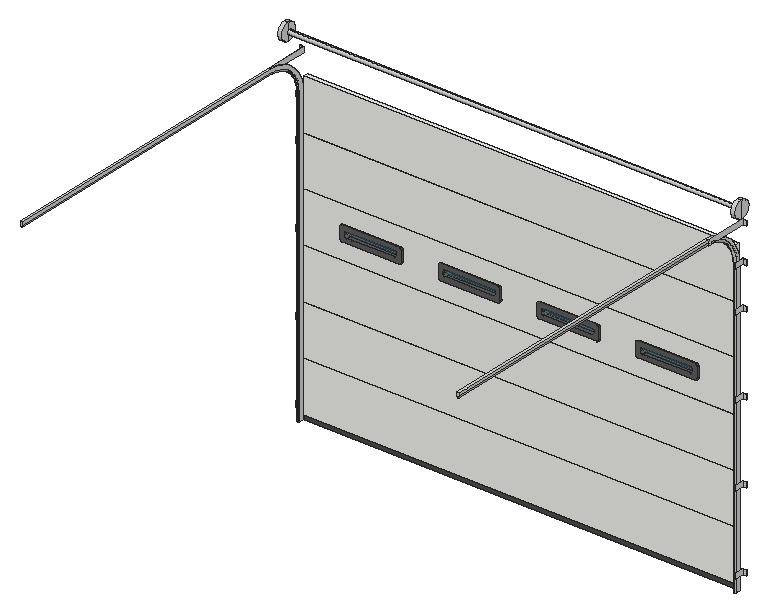
Revit family "Overhead-Sect_HAAS_Res_Alum_5000", category Doors, host Wall, Revit 2026
Family settings
  Host = Wall
  Classification Number = 23.30.10.17.37.14
  Always vertical = Yes
  Cut with Voids When Loaded = No
  Shared = No
  Room Calculation Point = No
Parameters (values of type "Model 5780 Raised 1.75in")
  rearspring = no
  Warranty Duration (Years) = 0
  Viewport Frame Finish [instance] = Finish - Trim - HAAS - Black
  Unit Width [instance] = if(Wood Jamb, Opening Width, Opening Width + 0' 2")  # 14' - 0"
  Wood Jamb [instance] = yes
  URL = "http://www.haasdoor.com/about/index.html"
  U Value = 0
  Type Comments = ""
  Track_High Lift_CHECK WITH HAAS FOR VALUE [instance] = 0' - 7"
  Track [instance] = Steel
  Thickness = 0' - 0"  # constant formula
  Test Data = ""
  Steel Jamb [instance] = not(Wood Jamb)  # no
  Standards Conformance = "as Specified"
  Specification = ""
  SpecWizard = ""
  Send Message = ""
  Sales Information = "http://www.haasdoor.com/locator/index.php"
  Rough Width = 0' - 0"  # constant formula
  Rough Height = 0' - 0"  # constant formula
  Roof Incline Default = 0.00°
  Revision = "R1_2015-11"
  Recycled Content [instance] = "as Specified"
  R-Value = 16.18
  Product Properties = ""
  Product Data = "http://www.arcat.com/arcatcos/cos32/arc32915.html"
  Panel Width [instance] = 14' - 0"
  Panel Thickness = 0' - 1 3/4"
  Panel Material_Interior [instance] = Metal - Steel - HAAS - Polar White V-Groove
  Panel Material_Inset Panel [instance] = Metal - Steel - HAAS - Polar White
  Panel Material_Exterior [instance] = Metal - Steel - HAAS - Polar White
  Panel Height [instance] = if(1 = 1, Opening Height, 0' 0")  # 10' - 0"
  Overhead Sectional Style [instance] = Door_Overhead-Sectional-Panel_Haas_No-Inset-Panels : Design B
  Operation = "Overhead Sectional"
  Opening Width [instance] = 14' - 0"
  Opening Height [instance] = 10' - 0"
  Track Type [instance] = Tracks_Standard-Lift : Tracks_Standard-Lift
  Model = "5780"
  Max Width = 16' - 0"
  Max Height = 12' - 0"
  Manufacturer Website = "http://www.haasdoor.com/about/index.html"
  Manufacturer Phone - Toll Free = ""
  Manufacturer Phone = "419-337-9900"
  Manufacturer Fax = "800-874-4227"
  Manufacturer Address = "320 Sycamore Rd. Wauseon, OH 43567"
  Manufacturer = "Haas Door Co."
  Maintenance Schedule (Months) = 0
  Keynote = "08360"
  Interior Skin = "Aluminum Woodgrain"
  Installation-Fabrication = ""
  Installation Phase = ""
  Green Building-LEED = ""
  Viewport Glazing [instance] = Glass
  Function = Exterior
  Height = 0' - 0"  # constant formula
  Wall Closure = By host
  Width = 0' - 0"  # constant formula
  Fire Rating = ""
  Exterior Skin = "Raised Panel Woodgrain Aluminum"
  Expected Lifespan (Years) = 0
  End Stile Type = "Extruded End Cap"
  Drawn By = "Sumex Design, Inc."
  Description = "Haas 5700 Series Residential Insulated Overhead Sectional Door - 5780 as Specified"
  Cost = 0
  Copyright = "©Arcat Inc."  # constant formula
  Construction Type = ""
  Construction Details = ""
  Building Codes = ""
  Bottom Seal Color [instance] = Finish - Weather Seal - HAAS - Black
  Assembly Code = "B2030410"
  AAMA Designation = "as Specified"
  3in Track [instance] = not([2in Track])  # no
  2in Track [instance] = yes
Types (8): name | R-Value | Panel Thickness | Model | Exterior Skin | Description
  Model 5780 Raised 1.75in | 16.18 | 0' - 1 3/4" | "5780" | "Raised Panel Woodgrain Aluminum" | "Haas 5700 Series Residential Insulated Overhead Sectional Door - 5780 as Specified"
  Model 5770 Raised Ranch 1.75in | 16.18 | 0' - 1 3/4" | "5770" | "Raised Ranch Panel Woodgrain Aluminum" | "Haas 5700 Series Residential Insulated Overhead Sectional Door - 5770 as Specified"
  Model 5712 V Groove 1.75in | 16.18 | 0' - 1 3/4" | "5712" | "V Groove Woodgrain Aluminum" | "Haas 5700 Series Residential Insulated Overhead Sectional Door - 5712 as Specified"
  Model 5710 Flush 1.75in | 16.18 | 0' - 1 3/4" | "5710" | "Flush Woodgrain Aluminum" | "Haas 5700 Series Residential Insulated Overhead Sectional Door - 5710 as Specified"
  Model 5280 Raised 2in | 17.66 | 0' - 2" | "5280" | "Raised Panel Woodgrain Aluminum" | "Haas 5200 Series Residential Insulated Overhead Sectional Door - 5280 as Specified"
  Model 5270 Raised Ranch 2in | 17.66 | 0' - 2" | "5270" | "Raised Ranch Panel Woodgrain Aluminum" | "Haas 5200 Series Residential Insulated Overhead Sectional Door - 5270 as Specified"
  Model 5212 V Groove 2in | 17.66 | 0' - 2" | "5212" | "V Groove Woodgrain Aluminum" | "Haas 5200 Series Residential Insulated Overhead Sectional Door - 5212 as Specified"
  Model 5210 Flush 2in | 17.66 | 0' - 2" | "5210" | "Flush Woodgrain Aluminum" | "Haas 5200 Series Residential Insulated Overhead Sectional Door - 5210 as Specified"
Reference planes (in)
  plane 1 "Center (Front/Back)": y = 0
  plane 2 "Center (Left/Right)": x = 0
  plane 3 "Left": x = -84
  plane 4 "Right": x = 84
  plane 5 "Top": z = 120
  plane 6 "Exterior": y = 3
  plane 7 "Interior": y = -3
  plane 8: z = 2
  plane 9 "Back of Panel": y = -4.75
  plane 10: y = -3.875
  plane 11 "Track": y = -4.625
Lines and regions (in)
  Opening 1
    outline origin (-90, -3, 0) x (1, 0, 0) y (0, 0, 1)
      loop
        line (6, 0) -> (174, 0) -> (174, 120) -> (6, 120) -> (6, 0)
Text (in)
  text "Exterior" at (-74.96733, 27.31104, 0), in view "Ref. Level"
  text "Interior" at (-74.96733, -25.14366, 0), in view "Ref. Level"
  text "Exterior" at (0, 40.15149, 123.01588), in view "Right"
  text "Interior" at (0, -64.39139, 123.01588), in view "Right"
  text "Interior" at (0, -31.01599, 123.00693), in view "Left"
  text "Exterior" at (0, 54.57065, 123.00693), in view "Left"
Dimensions and locks (in)
  equal spacing: plane 3 "Left", plane 2 "Center (Left/Right)", plane 4 "Right"
  "Opening Height": level to plane 5 "Top"
  "Opening Width": plane 3 "Left" to plane 4 "Right"
  plane 8 to level = 0' - 2"
  plane 3 "Left" to plane 4 "Right" = 14' - 0"
  "Panel Thickness": plane 9 "Back of Panel" to plane 7 "Interior"
  equal spacing: plane 9 "Back of Panel", plane 10, plane 7 "Interior"
  locked: plane 11 "Track" to plane 7 "Interior" at 1.625
  aligned and locked: plane 3 "Left" to Opening 1 sketch curve
  aligned and locked: plane 5 "Top" to Opening 1 sketch curve
  aligned and locked: Opening 1 sketch curve to plane 5 "Top"
  aligned and locked: Opening 1 sketch curve to plane 4 "Right"
  aligned and locked: Opening 1 sketch curve to level
  aligned and locked: plane 6 "Exterior" to host wall
  aligned and locked: plane 7 "Interior" to host wall
  aligned and locked: nested 1 to plane 2 "Center (Left/Right)"
  aligned and locked: level to nested 1
  aligned and locked: nested 1 to plane 11 "Track"
  aligned and locked: nested 2 to plane 2 "Center (Left/Right)"
  aligned and locked: plane 10 to nested 2
Nested families (in)
  nested 1: "Tracks_Standard-Lift" at (0, -5.625, 0), Unit Width <- "Unit Width", Opening Height <- "Opening Height", Track <- "Track", Wood Jamb <- "Wood Jamb", 2in Track <- "2in Track", type <- "Track Type", High Lift Height <- "Track_High Lift_CHECK WITH HAAS FOR VALUE", Door Height <- "Panel Height", Rear Mount Spring <- "rearspring", Roof Incline <- "Roof Incline Default", type "Tracks_Standard-Lift"
    with trackradinsetv 0' - 0", trackradinseth 0' - 0", sideroomint 0' - 1 5/8", roofpitchheight 0' - 0", offsettrackradv 1' - 2.73821", offsettrackradh 1' - 2.99772", offset 0' - 0", highliftcalc 0' - 8", breakoutrun 1, breakoutrise 12, breakawaylength 0' - 0", breakaway angle 1.00°, Wood Jamb yes, Unit Width 14' - 0", Unit Depth 0' - 2", Track Radius 1' - 3", Track Offset from Door Edge 0' - 0 1/2", Track Steel, Steel Jamb no, Standard Spring Location yes, Sideroom_Spring 0' - 3", Sideroom_Jambs 0' - 3", Roof Incline 0.00°, Rear Mount Spring no, Opening Width 14' - 0", Opening Height 10' - 0", High Lift Height 0' - 7", Headroom Clearance 1' - 7", Door Height 10' - 0", Breakaway Start 0' - 8", Back Depth 11' - 6", 3in Track no, 2in Track yes, 1 in 12 Breakout yes, 1 5 in 12 Breakout no
  nested 2: "Door_Overhead-Sectional-Panel_Haas_No-Inset-Panels" at (0, -3.875, 0) x (-1, 0, 0) z (0, 0, 1), Viewport Finish <- "Viewport Frame Finish", Panel Material_Interior <- "Panel Material_Interior", Panel Material_Inset Panel <- "Panel Material_Inset Panel", Panel Material_Exterior <- "Panel Material_Exterior", Viewport Glazing <- "Viewport Glazing", Bottom Seal Color <- "Bottom Seal Color", Panel Width <- "Panel Width", Panel Thickness <- "Panel Thickness", Panel Height <- "Panel Height", type <- "Overhead Sectional Style", type "Design B"
    with Viewport Glazing Glass, Viewport Finish Finish - Trim - HAAS - Black, Unit Width 14' - 0", Unit Height 1' - 7.66667", Panel Width 14' - 0", Panel Thickness 0' - 1 3/4", Panel Material_Interior Metal - Steel - HAAS - Polar White V-Groove, Panel Material_Inset Panel Metal - Steel - HAAS - Polar White, Panel Material_Exterior Metal - Steel - HAAS - Polar White, Panel Height 10' - 0", Panel 9 Vis no, Panel 9 Control 0' - 0", Panel 8 Vis no, Panel 8 Control 0' - 0", Panel 7 Vis no, Panel 7 Control 0' - 0", Panel 6 Vis yes, Panel 6 Control 1' - 7.66667", Panel 5 Vis yes, Panel 5 Control 1' - 7.66667", Panel 4 Vis yes, Panel 4 Control 1' - 7.66667", Panel 3 Vis yes, Panel 3 Control 1' - 7.66667", Panel 2 Vis yes, Panel 2 Control 1' - 7.66667", Panel 10 Vis no, Panel 10 Control 0' - 0", Panel 1 Vis yes, Bottom Seal Color Finish - Weather Seal - HAAS - Black
Definition of nested family "Tracks_Standard-Lift"
  Parameters
    trackradinsetv [instance] = Track Radius - (Track Radius * cos(Roof Incline))  # 0' - 0"
    trackradinseth [instance] = Track Radius * sin(Roof Incline)  # 0' - 0"
    sideroomint [instance] = if(Steel Jamb, 0' 3", 0' 1 5/8")  # 0' - 1 5/8"
    roofpitchheight [instance] = (Back Depth) * tan(Roof Incline)  # 0' - 0"
    offsettrackradv [instance] = Track Radius - (Track Radius * sin(breakaway angle))  # 1' - 2.73821"
    offsettrackradh [instance] = Track Radius * cos(breakaway angle)  # 1' - 2.99772"
    offset [instance] = 0' - 0"  # constant formula
    breakoutrun [instance] = if([1 in 12 Breakout], 1, 1.5)  # 1
    breakoutrise [instance] = 12  # constant formula
    breakawaylength [instance] = (Breakaway Start + High Lift Height - Track Radius) / tan(90.00° - breakaway angle)  # 0' - 0.26183"
    breakaway angle [instance] = 1.00°  # constant formula
    Wood Jamb [instance] = yes
    Unit Width [instance] = 8' - 0"
    Unit Depth [instance] = if([2in Track], 0' 2", if([3in Track], 0' 3", 0' 2"))  # 0' - 3"
    URL = ""
    Track Radius [instance] = 1' - 3"
    Track [instance] = none
    Steel Jamb [instance] = not(Wood Jamb)  # no
    Standard Spring Location [instance] = yes
    Specification = ""
    SpecWizard = ""
    Track Offset from Door Edge [instance] = 0' - 0 1/2"
    Sideroom_Spring [instance] = 0' - 3"  # constant formula
    Sideroom_Jambs [instance] = 0' - 3"  # constant formula
    Sales Information = ""
    Roof Incline [instance] = 0.00°
    Revision = ""
    Rear Mount Spring [instance] = yes
    Product Properties = ""
    Product Data = ""
    Opening Width [instance] = if(Wood Jamb, Unit Width, Unit Width - 0' 1")  # 8' - 0"
    Opening Height [instance] = 8' - 0"
    Model = "As Specified"
    Manufacturer = ""
    Keynote = ""
    Installation-Fabrication = ""
    highliftcalc [instance] = if(Headroom Clearance < 5' 4 3/256", Headroom Clearance - 0' 11", if(and(Headroom Clearance > 5' 4", Headroom Clearance < 11' 1 3/256"), Headroom Clearance - 1' 1", if(and(Headroom Clearance > 11' 1", Headroom Clearance < 15' 0 3/256"), Headroom Clearance - 1' 5", 1' 0")))  # 1' - 11"
    High Lift Height [instance] = 1' - 10"
    Headroom Clearance [instance] = High Lift Height + 1' 0"  # 2' - 10"
    Green Building-LEED = ""
    Drawn By = "Sumex Design, Inc. / Robert S. Weygant, CSI, CDT, SCIP"
    Door Height [instance] = 8' - 0"
    Description = ""
    Default Elevation = 0' - 0"  # constant formula
    Copyright = "©Arcat Inc."
    Construction Details = ""
    Breakaway Start [instance] = if([1 in 12 Breakout], 0' 8", if([1 5 in 12 Breakout], 1' 2", 1' 0"))  # 0' - 8"
    Back Depth [instance] = Door Height + 1' 6"  # 9' - 6"
    Assembly Code = ""
    3in Track [instance] = not([2in Track])  # yes
    2in Track [instance] = no
    1 in 12 Breakout [instance] = yes
    1 5 in 12 Breakout [instance] = not([1 in 12 Breakout])  # no
  Reference planes (in)
    plane 1 "Center (Front/Back)": y = 0
    plane 2 "Bottom": z = 0
    plane 3 "Center (Left/Right)": x = 0
    plane 4 "Front": y = -1.5
    plane 5 "Back": y = 1.5
    plane 6 "Left": x = -48
    plane 7 "Right": x = 48
    plane 8 "Top": z = 121
    plane 9: z = 96
    plane 10: x = -48
    plane 11: x = 48
    plane 12: z = 130
    plane 13: y = -110.875
    plane 14: y = -13.49772
    plane 15: z = 106.26179
    plane 16 "Origin": y = 3.125
    plane 17: z = 74
    plane 18: z = 51.33333
    plane 19: z = 28.66667
    plane 20: z = 6
    plane 21: z = 97.13089
    plane 22: x = 51
    plane 23: x = -51
    plane 24 "Drum CL": y = -1.875
    plane 25: z = 106
    plane 26: z = 118
    plane 27: y = -13.49772
    plane 28: z = 121
    plane 29: x = -49.625
    plane 30: x = 49.625
  Forms (in)
    Extrusion 1, solid, material <- "Track", visible <- "Wood Jamb"
      sketch origin (0, 0, 0) x (1, 0, 0) y (0, 1, 0)
        loop
          line (-49.5, -13.49772) -> (-49.5, 3.125) -> (-51, 3.125) -> (-51, 3) -> (-49.625, 3) -> (-49.625, -13.49772) -> (-49.5, -13.49772)
        loop
          line (49.5, -13.49772) -> (49.625, -13.49772) -> (49.625, 3) -> (51, 3) -> (51, 3.125) -> (49.5, 3.125) -> (49.5, -13.49772)
      from 0 to 121
    Extrusion 2, void
      sketch origin (0, 0, 0) x (0, 1, 0) y (0, 0, 1)
        loop
          line (-1.5, 5) -> (-1.5, 7) -> (3.125, 7) -> (3.125, 27.66667) -> (-1.5, 27.66667) -> (-1.5, 29.66667) -> (3.125, 29.66667) -> (3.125, 50.33333) -> (-1.5, 50.33333) -> (-1.5, 52.33333) -> (3.125, 52.33333) -> (3.125, 73) -> (-1.5, 73) -> (-1.5, 75) -> (3.125, 75) -> (3.125, 105.26179) -> (-1.5, 105.26179) -> (-1.5, 107.26179) -> (3.125, 107.26179) -> (3.125, 119) -> (-13.49772, 119) -> (-13.49772, 0) -> (3.125, 0) -> (3.125, 5) -> (-1.5, 5)
      from -51 to 51
    Extrusion 3, solid, material <- "Track", visible <- "Steel Jamb"
      sketch origin (0, 0, 0) x (1, 0, 0) y (0, 1, 0)
        loop
          line (-51, 3.125) -> (-51, -13.49772) -> (-50.875, -13.49772) -> (-50.875, 3) -> (-48.375, 3) -> (-48.375, 3.125) -> (-51, 3.125)
        loop
          line (51, 3.125) -> (48.375, 3.125) -> (48.375, 3) -> (50.875, 3) -> (50.875, -13.49772) -> (51, -13.49772) -> (51, 3.125)
      from 0 to 121
    Revolve 4, solid, material <- "Track"
      sketch origin (0, -1.875, 0) x (0, 0, -1) y (1, 0, 0)
        loop
          line (-130, -53) -> (-126.75, -53) -> (-126.75, 53) -> (-130, 53) -> (-130, 51.5) -> (-127.5, 51.5) -> (-127.5, -51.5) -> (-130, -51.5) -> (-130, -53)
        axis (-126.75, 53) -> (-126.75, -53)
      angle from 0 to 360
    Sweep 5, solid, material <- "Track"
      path origin (0, 0, 0) x (0, 1, 0) y (0, 0, 1)
        loop
          line (1.5, 0) -> (1.5, 106.26179)
          arc (1.5, 106.26179) -> (-2.98408, 116.69876) -> (-13.49772, 121) r 15
          line (-13.49772, 121) -> (-110.875, 121)
      profile origin (0, -62.18636, 121) x (0, 0, -1) y (1, 0, 0)
        loop
          line (2.62111, -48.5) -> (0, -48.5) -> (0, -49.5) -> (2.25, -49.5)
          arc (2.25, -49.5) -> (2.68414, -49.38263) -> (3, -49.0625) r 0.86161
          line (3, -49.0625) -> (3, -48.71875) -> (2.62111, -48.5)
    Sweep 6, solid, material <- "Track"
      path origin (0, 0, 0) x (0, 1, 0) y (0, 0, 1)
        loop
          line (1.5, 0) -> (1.5, 106.26179)
          arc (1.5, 106.26179) -> (-2.98408, 116.69876) -> (-13.49772, 121) r 15
          line (-13.49772, 121) -> (-110.875, 121)
      profile origin (0, -62.18636, 121) x (0, 0, -1) y (1, 0, 0)
        loop
          line (0, 49.5) -> (0, 48.5) -> (2.62111, 48.5) -> (3, 48.71875) -> (3, 49.0625)
          arc (3, 49.0625) -> (2.68414, 49.38263) -> (2.25, 49.5) r 0.86161
          line (2.25, 49.5) -> (0, 49.5)
  Cuts and joins
    Extrusion 2 cuts Extrusion 1
    Extrusion 2 cuts Extrusion 3
  Lines and regions (in)
    reference lines
      curve 1: arc (0, 0.25, 112.00003) -> (0, -5.28189, 118.54991) -> (0, -13.49772, 121) r 15
      curve 2: line (0, -13.49772, 121) -> (0, -110.875, 121)
  Text (in)
    text "OPENING" at (0, 24.81124, 52.10269), in view "Right"
    text "STANDARD LIFT" at (0, 24.81124, 118.55424), in view "Right"
  Dimensions and locks (in)
    equal spacing: plane 6 "Left", plane 3 "Center (Left/Right)", plane 7 "Right"
    "Unit Width": plane 6 "Left" to plane 7 "Right"
    equal spacing: plane 5 "Back", plane 1 "Center (Front/Back)", plane 4 "Front"
    "Unit Depth": plane 5 "Back" to plane 4 "Front"
    equal spacing: plane 10, plane 3 "Center (Left/Right)", plane 11
    "Opening Width": plane 10 to plane 11
    "Headroom Clearance": plane 12 to plane 9
    "Back Depth": plane 13 to plane 16 "Origin"
    "offsettrackradv": plane 8 "Top" to plane 15
    locked: plane 16 "Origin" to plane 5 "Back" at 1.625
    "Sideroom_Jambs": Extrusion 1 sketch curve to plane 10
    "Sideroom_Jambs": plane 11 to Extrusion 1 sketch curve
    locked: plane 20 to level at 6
    equal spacing: plane 17, plane 18, plane 19, plane 20
    Extrusion 2 sketch curve to plane 20 to Extrusion 2 sketch curve = 0' - 1" locked, 0' - 1" locked
    Extrusion 2 sketch curve to plane 19 to Extrusion 2 sketch curve = 0' - 1" locked, 0' - 1" locked
    Extrusion 2 sketch curve to plane 18 to Extrusion 2 sketch curve = 0' - 1" locked, 0' - 1" locked
    Extrusion 2 sketch curve to plane 17 to Extrusion 2 sketch curve = 0' - 1" locked, 0' - 1" locked
    Extrusion 2 sketch curve to plane 15 to Extrusion 2 sketch curve = 0' - 1" locked, 0' - 1" locked
    "Sideroom_Spring": plane 23 to plane 10
    "Sideroom_Spring": plane 11 to plane 22
    locked: Extrusion 3 sketch curve to plane 10 at 0.375
    locked: plane 11 to Extrusion 3 sketch curve at 0.375
    locked: plane 24 "Drum CL" to plane 16 "Origin" at 5
    locked: Revolve 4 sketch curve to plane 10 at 5
    locked: plane 11 to Revolve 4 sketch curve at 5
    locked: Revolve 4 sketch curve to Revolve 4 sketch curve at 1.5  (x2)
    locked: Revolve 4 sketch curve to Revolve 4 sketch curve at 0.75
    locked: Revolve 4 sketch curve to Revolve 4 sketch curve at 3.25  (x2)
    locked: Extrusion 1 sketch curve to Extrusion 1 sketch curve at 0.125
    "Opening Height": plane 9 to level
    "Track Radius": plane 8 "Top" to plane 25
    "High Lift Height": plane 26 to plane 9
    "Unit Depth": plane 8 "Top" to plane 26
    "offsettrackradh": plane 14 to plane 5 "Back"
    "trackradinseth": plane 14 to plane 27
    "trackradinsetv": plane 8 "Top" to plane 28
    "Unit Depth": Sweep 5 sketch curve to Sweep 5 sketch curve
    locked: plane 8 "Top" to Extrusion 2 sketch curve at 2
    "Unit Depth": Sweep 6 sketch curve to Sweep 6 sketch curve
    Extrusion 1 sketch curve to Extrusion 1 sketch curve to plane 10 = 0' - 0 1/8" locked, 0' - 1 1/2" locked
    equal spacing: Sweep 5 sketch curve, Sweep 5 sketch curve, Sweep 5 sketch curve, Sweep 5 sketch curve, plane 10
    equal spacing: plane 11, Sweep 6 sketch curve, Sweep 6 sketch curve, Sweep 6 sketch curve, Sweep 6 sketch curve
    "sideroomint": plane 29 to plane 10
    plane 29 to Sweep 5 sketch curve to Sweep 5 sketch curve to Sweep 5 sketch curve to Sweep 5 sketch curve = 0' - 0 1/8" locked, 0' - 0 7/16" locked, 0' - 0 11/32" locked, 0' - 0 7/32" locked
    "Sideroom_Jambs": Extrusion 3 sketch curve to plane 10
    locked: Extrusion 3 sketch curve to Extrusion 3 sketch curve at 0.125  (x2)
    "Sideroom_Jambs": plane 11 to Extrusion 3 sketch curve
    locked: plane 11 to Extrusion 1 sketch curve at 1.5
    "sideroomint": plane 11 to plane 30
    Sweep 6 sketch curve to Sweep 6 sketch curve to Sweep 6 sketch curve to Sweep 6 sketch curve to plane 30 = 0' - 0 7/32" locked, 0' - 0 11/32" locked, 0' - 0 7/16" locked, 0' - 0 1/8" locked
    locked: Revolve 4 sketch curve to plane 26 at 8.75
    locked: plane 9 to plane 17 at 22
    "Track Radius": radius of curve 1
    "Track Radius": radius of Sweep 6 sketch curve
    "Roof Incline": angle curve 2 to plane 28
    "Roof Incline": angle Sweep 5 sketch curve to plane 28
    "Roof Incline": angle Sweep 6 sketch curve to plane 28
    aligned and locked: plane 14 to Extrusion 1 sketch curve
    aligned and locked: Extrusion 1 sketch curve to plane 14
    aligned and locked: Extrusion 2 sketch curve to plane 14
    aligned and locked: Extrusion 2 sketch curve to plane 16 "Origin"
    aligned and locked: plane 4 "Front" to Extrusion 2 sketch curve  (x4)
    aligned and locked: Extrusion 2 sketch curve to plane 4 "Front"
    aligned and locked: plane 23 to Extrusion 2
    aligned and locked: Extrusion 2 to plane 22
    aligned and locked: Extrusion 3 sketch curve to plane 14
    aligned and locked: plane 14 to Extrusion 3 sketch curve
    aligned and locked: Revolve 4 sketch curve to Revolve 4 sketch curve
    aligned and locked: plane 27 to curve 1
    aligned and locked: plane 25 to curve 1
    aligned and locked: plane 14 to curve 1
    aligned and locked: plane 13 to curve 2
    aligned and locked: Sweep 5 sketch curve to curve 1
    aligned and locked: plane 13 to Sweep 5 sketch curve
    aligned and locked: plane 27 to Sweep 5 sketch curve
    aligned and locked: plane 8 "Top" to Extrusion 3
    aligned and locked: plane 8 "Top" to Extrusion 1
    aligned and locked: plane 13 to Sweep 6 sketch curve
    aligned and locked: plane 15 to Sweep 5 sketch curve
    aligned and locked: plane 27 to Sweep 6 sketch curve
    aligned and locked: plane 28 to Sweep 6 sketch curve
    aligned and locked: plane 15 to Sweep 6 sketch curve
    aligned and locked: plane 5 "Back" to Sweep 6 sketch curve
  Automatic sketch dimensions
    Extrusion 1 sketch curve to plane 16 "Origin" = 0' - 0"  (x2)
    Extrusion 1 sketch curve to plane 16 "Origin" = 0' - 0 1/8"  (x2)
    Extrusion 3 sketch curve to plane 16 "Origin" = 0' - 0"  (x2)
    Extrusion 3 sketch curve to plane 16 "Origin" = 0' - 0 1/8"  (x2)
    Revolve 4 sketch curve to Revolve 4 sketch curve = 0' - 0"
    Revolve 4 sketch curve to Revolve 4 sketch curve = 0' - 3"
    Sweep 5 sketch curve to level = 0' - 0"
    Sweep 5 sketch curve to profile plane = 0' - 0"
    Sweep 5 sketch curve to Sweep 5 sketch curve = 0' - 0.37111"
    Sweep 5 sketch curve to Sweep 5 sketch curve = 0' - 0.13839"
    Sweep 6 sketch curve to profile plane = 0' - 0"
    Sweep 6 sketch curve to Sweep 6 sketch curve = 0' - 0.37111"
    Sweep 6 sketch curve to Sweep 6 sketch curve = 0' - 0.13839"
    curve 1 to plane 1 "Center (Front/Back)" = 0' - 0 1/4"
    Sweep 6 sketch curve to level = 0' - 0"
    Extrusion 2 sketch curve to plane 16 "Origin" = 0' - 0"  (x5)
    Extrusion 2 sketch curve to level = 0' - 0"
Definition of nested family "Door_Overhead-Sectional-Panel_Haas_No-Inset-Panels"
  Parameters
    Width = 10' - 0"
    Viewport Finish [instance] = none
    Unit Width [instance] = Panel Width  # 10' - 0"
    Unit Height [instance] = if(Number Panels > 3, ((Panel Height - 0' 2") / Number Panels), ((Panel Height - 0' 2") / 4))  # 1' - 7.66667"
    Thickness = 0' - 3"
    Section Type_Row 10 = HAAS_Section_Flush : Standard
    Section Type_Row 9 = HAAS_Section_Flush : Standard
    Section Type_Row 8 = HAAS_Section_Flush : Standard
    Section Type_Row 7 = HAAS_Section_Flush : Standard
    Section Type_Row 6 = HAAS_Section_Flush : Standard
    Section Type_Row 5 = HAAS_Section_Flush : Standard
    Section Type_Row 4 = HAAS_Section_Flush : Standard
    Section Type_Row 3 = HAAS_Section_Flush : Standard
    Section Type_Row 2 = HAAS_Section_Flush : Standard
    Section Type_Row 1 = HAAS_Section_Flush : Standard
    Panel Width [instance] = 10' - 0"
    Panel Thickness [instance] = 0' - 3"
    Panel Material_Interior [instance] = none
    Panel Material_Inset Panel [instance] = none
    Panel Material_Exterior [instance] = none
    Panel Height [instance] = 10' - 0"
    Panel 9 Vis [instance] = Number Panels > 8  # no
    Panel 9 Control [instance] = if(Panel 9 Vis, Unit Height, 0' 0")  # 0' - 0"
    Panel 8 Vis [instance] = Number Panels > 7  # no
    Panel 8 Control [instance] = if(Panel 8 Vis, Unit Height, 0' 0")  # 0' - 0"
    Panel 7 Vis [instance] = Number Panels > 6  # no
    Panel 7 Control [instance] = if(Panel 7 Vis, Unit Height, 0' 0")  # 0' - 0"
    Panel 6 Vis [instance] = Number Panels > 5  # yes
    Panel 6 Control [instance] = if(Panel 6 Vis, Unit Height, 0' 0")  # 1' - 7.66667"
    Panel 5 Vis [instance] = Number Panels > 4  # yes
    Panel 5 Control [instance] = if(Panel 5 Vis, Unit Height, 0' 0")  # 1' - 7.66667"
    Panel 4 Vis [instance] = Number Panels > 3  # yes
    Panel 4 Control [instance] = if(Panel 4 Vis, Unit Height, 0' 0")  # 1' - 7.66667"
    Panel 3 Vis [instance] = Number Panels > 2  # yes
    Panel 3 Control [instance] = if(Panel 3 Vis, Unit Height, 0' 0")  # 1' - 7.66667"
    Panel 2 Vis [instance] = Number Panels > 1  # yes
    Panel 2 Control [instance] = if(Panel 2 Vis, Unit Height, 0' 0")  # 1' - 7.66667"
    Panel 10 Vis [instance] = Number Panels > 9  # no
    Panel 10 Control [instance] = if(Panel 10 Vis, Unit Height, 0' 0")  # 0' - 0"
    Panel 1 Vis [instance] = Number Panels > 0  # yes
    Number Panels = 6
    Viewport Glazing [instance] = none
    Height = 8' - 0"
    End Stile Width_CONTACT HAAS FOR VALUE = 0' - 0"
    Default Elevation = 4' - 0"
    Bottom Seal Color [instance] = none
  Reference planes (in)
    plane 1 "Center (Front/Back)": y = 0
    plane 2: z = 0
    plane 3 "Center (Left/Right)": x = 0
    plane 4 "Left": x = -60
    plane 5 "Right": x = 60
    plane 6 "Back": y = 1.5
    plane 7 "Front": y = -1.5
    plane 8 "1T": z = 21.66667
    plane 9 "1B": z = 2
    plane 10: z = 41.33333
    plane 11 "2B": z = 21.66667
    plane 12: z = 61
    plane 13 "3B": z = 41.33333
    plane 14: z = 80.66667
    plane 15 "4B": z = 61
    plane 16: z = 100.33333
    plane 17 "5B": z = 80.66667
    plane 18: z = 120
    plane 19 "6B": z = 100.33333
    plane 20: z = 120
    plane 21 "7B": z = 100.33333
    plane 22: z = 120
    plane 23 "8B": z = 100.33333
    plane 24: z = 120
    plane 25 "9B": z = 100.33333
    plane 26: z = 120
    plane 27 "10B": z = 100.33333
  Forms (in)
    Extrusion 1, solid, material <- "Bottom Seal Color"
      sketch origin (0, 0, 0) x (0, 1, 0) y (0, 0, 1)
        loop
          line (-1.375, 2) -> (-1.375, 0) -> (1.375, 0) -> (1.375, 2) -> (-1.375, 2)
      from -60 to 60
  Dimensions and locks (in)
    equal spacing: plane 4 "Left", plane 3 "Center (Left/Right)", plane 5 "Right"
    "Panel Width": plane 4 "Left" to plane 5 "Right"
    equal spacing: plane 6 "Back", plane 1 "Center (Front/Back)", plane 7 "Front"
    "Panel Thickness": plane 6 "Back" to plane 7 "Front"
    "Unit Height": plane 8 "1T" to plane 9 "1B"
    "Unit Height": plane 10 to plane 11 "2B"
    "Unit Height": plane 12 to plane 13 "3B"
    "Unit Height": plane 14 to plane 15 "4B"
    "Unit Height": plane 16 to plane 17 "5B"
    "Unit Height": plane 18 to plane 19 "6B"
    "Unit Height": plane 20 to plane 21 "7B"
    "Unit Height": plane 22 to plane 23 "8B"
    "Unit Height": plane 24 to plane 25 "9B"
    "Unit Height": plane 26 to plane 27 "10B"
    locked: plane 9 "1B" to level at 2
    "Panel 2 Control": plane 11 "2B" to plane 9 "1B"
    "Panel 3 Control": plane 13 "3B" to plane 11 "2B"
    "Panel 4 Control": plane 15 "4B" to plane 13 "3B"
    "Panel 5 Control": plane 17 "5B" to plane 15 "4B"
    "Panel 6 Control": plane 19 "6B" to plane 17 "5B"
    "Panel 7 Control": plane 21 "7B" to plane 19 "6B"
    "Panel 8 Control": plane 23 "8B" to plane 21 "7B"
    "Panel 9 Control": plane 25 "9B" to plane 23 "8B"
    "Panel 10 Control": plane 27 "10B" to plane 25 "9B"
    locked: Extrusion 1 sketch curve to plane 6 "Back" at 0.125
    locked: plane 7 "Front" to Extrusion 1 sketch curve at 0.125
    aligned and locked: plane 2 to level
    aligned and locked: plane 3 "Center (Left/Right)" to nested 1
    aligned and locked: plane 3 "Center (Left/Right)" to nested 2
    aligned and locked: plane 3 "Center (Left/Right)" to nested 3
    aligned and locked: plane 3 "Center (Left/Right)" to nested 4
    aligned and locked: plane 3 "Center (Left/Right)" to nested 5
    aligned and locked: plane 3 "Center (Left/Right)" to nested 6
    aligned and locked: plane 3 "Center (Left/Right)" to nested 7
    aligned and locked: plane 3 "Center (Left/Right)" to nested 8
    aligned and locked: plane 3 "Center (Left/Right)" to nested 9
    aligned and locked: plane 3 "Center (Left/Right)" to nested 10
    aligned and locked: plane 1 "Center (Front/Back)" to nested 1
    aligned and locked: plane 1 "Center (Front/Back)" to nested 2
    aligned and locked: plane 1 "Center (Front/Back)" to nested 3
    aligned and locked: plane 1 "Center (Front/Back)" to nested 4
    aligned and locked: nested 5 to plane 1 "Center (Front/Back)"
    aligned and locked: nested 6 to plane 1 "Center (Front/Back)"
    aligned and locked: nested 7 to plane 1 "Center (Front/Back)"
    aligned and locked: nested 8 to plane 1 "Center (Front/Back)"
    aligned and locked: nested 9 to plane 1 "Center (Front/Back)"
    aligned and locked: nested 10 to plane 1 "Center (Front/Back)"
    aligned and locked: plane 5 "Right" to Extrusion 1
    aligned and locked: Extrusion 1 to plane 4 "Left"
  Automatic sketch dimensions
    Extrusion 1 sketch curve to level = 0' - 0"
    Extrusion 1 sketch curve to plane 9 "1B" = 0' - 0"
  Nested families (in)
    nested 1: "HAAS_Section_Flush" at (0, 0, 2), type <- "Section Type_Row 1", visible <- "Panel 1 Vis", Unit Width <- "Unit Width", Unit Height <- "Unit Height", Viewport Glazing <- "Viewport Glazing", Viewport Finish <- "Viewport Finish", Panel Material_Interior <- "Panel Material_Interior", Panel Material_Inset Panel <- "Panel Material_Inset Panel", Panel Material_Exterior <- "Panel Material_Exterior", Unit Depth <- "Panel Thickness", type "Standard"
      with Viewport Glazing none, Viewport Finish none, Unit Width 10' - 0", Unit Height 1' - 7.66667", Unit Depth 0' - 3", Panel Material_Interior none, Panel Material_Inset Panel none, Panel Material_Exterior none
    nested 2: "HAAS_Section_Flush" at (0, 0, 21.66667), type <- "Section Type_Row 2", visible <- "Panel 2 Vis", Unit Width <- "Unit Width", Unit Height <- "Unit Height", Viewport Glazing <- "Viewport Glazing", Viewport Finish <- "Viewport Finish", Panel Material_Interior <- "Panel Material_Interior", Panel Material_Inset Panel <- "Panel Material_Inset Panel", Panel Material_Exterior <- "Panel Material_Exterior", Unit Depth <- "Panel Thickness", type "Standard"
      with Viewport Glazing none, Viewport Finish none, Unit Width 10' - 0", Unit Height 1' - 7.66667", Unit Depth 0' - 3", Panel Material_Interior none, Panel Material_Inset Panel none, Panel Material_Exterior none
    nested 3: "HAAS_Section_Flush" at (0, 0, 41.33333), type <- "Section Type_Row 3", visible <- "Panel 3 Vis", Unit Width <- "Unit Width", Unit Height <- "Unit Height", Viewport Glazing <- "Viewport Glazing", Viewport Finish <- "Viewport Finish", Panel Material_Interior <- "Panel Material_Interior", Panel Material_Inset Panel <- "Panel Material_Inset Panel", Panel Material_Exterior <- "Panel Material_Exterior", Unit Depth <- "Panel Thickness", type "Standard"
      with Viewport Glazing none, Viewport Finish none, Unit Width 10' - 0", Unit Height 1' - 7.66667", Unit Depth 0' - 3", Panel Material_Interior none, Panel Material_Inset Panel none, Panel Material_Exterior none
    nested 4: "HAAS_Section_Flush" at (0, 0, 61), visible <- "Panel 4 Vis", Unit Width <- "Unit Width", Unit Height <- "Unit Height", Viewport Glazing <- "Viewport Glazing", Viewport Finish <- "Viewport Finish", Panel Material_Interior <- "Panel Material_Interior", Panel Material_Inset Panel <- "Panel Material_Inset Panel", Panel Material_Exterior <- "Panel Material_Exterior", type <- "Section Type_Row 4", Unit Depth <- "Panel Thickness", type "Standard"
      with Viewport Glazing none, Viewport Finish none, Unit Width 10' - 0", Unit Height 1' - 7.66667", Unit Depth 0' - 3", Panel Material_Interior none, Panel Material_Inset Panel none, Panel Material_Exterior none
    nested 5: "HAAS_Section_Flush" at (0, 0, 80.66667), type <- "Section Type_Row 5", visible <- "Panel 5 Vis", Unit Width <- "Unit Width", Unit Height <- "Unit Height", Viewport Glazing <- "Viewport Glazing", Viewport Finish <- "Viewport Finish", Panel Material_Interior <- "Panel Material_Interior", Panel Material_Inset Panel <- "Panel Material_Inset Panel", Panel Material_Exterior <- "Panel Material_Exterior", Unit Depth <- "Panel Thickness", type "Standard"
      with Viewport Glazing none, Viewport Finish none, Unit Width 10' - 0", Unit Height 1' - 7.66667", Unit Depth 0' - 3", Panel Material_Interior none, Panel Material_Inset Panel none, Panel Material_Exterior none
    nested 6: "HAAS_Section_Flush" at (0, 0, 100.33333), type <- "Section Type_Row 6", visible <- "Panel 6 Vis", Unit Width <- "Unit Width", Unit Height <- "Unit Height", Viewport Glazing <- "Viewport Glazing", Viewport Finish <- "Viewport Finish", Panel Material_Interior <- "Panel Material_Interior", Panel Material_Inset Panel <- "Panel Material_Inset Panel", Panel Material_Exterior <- "Panel Material_Exterior", Unit Depth <- "Panel Thickness", type "Standard"
      with Viewport Glazing none, Viewport Finish none, Unit Width 10' - 0", Unit Height 1' - 7.66667", Unit Depth 0' - 3", Panel Material_Interior none, Panel Material_Inset Panel none, Panel Material_Exterior none
    nested 7: "HAAS_Section_Flush" at (0, 0, 100.33333), type <- "Section Type_Row 7", visible <- "Panel 7 Vis", Unit Width <- "Unit Width", Unit Height <- "Unit Height", Viewport Glazing <- "Viewport Glazing", Viewport Finish <- "Viewport Finish", Panel Material_Interior <- "Panel Material_Interior", Panel Material_Inset Panel <- "Panel Material_Inset Panel", Panel Material_Exterior <- "Panel Material_Exterior", Unit Depth <- "Panel Thickness", type "Standard"
      with Viewport Glazing none, Viewport Finish none, Unit Width 10' - 0", Unit Height 1' - 7.66667", Unit Depth 0' - 3", Panel Material_Interior none, Panel Material_Inset Panel none, Panel Material_Exterior none
    nested 8: "HAAS_Section_Flush" at (0, 0, 100.33333), type <- "Section Type_Row 8", visible <- "Panel 8 Vis", Unit Width <- "Unit Width", Unit Height <- "Unit Height", Viewport Glazing <- "Viewport Glazing", Viewport Finish <- "Viewport Finish", Panel Material_Interior <- "Panel Material_Interior", Panel Material_Inset Panel <- "Panel Material_Inset Panel", Panel Material_Exterior <- "Panel Material_Exterior", Unit Depth <- "Panel Thickness", type "Standard"
      with Viewport Glazing none, Viewport Finish none, Unit Width 10' - 0", Unit Height 1' - 7.66667", Unit Depth 0' - 3", Panel Material_Interior none, Panel Material_Inset Panel none, Panel Material_Exterior none
    nested 9: "HAAS_Section_Flush" at (0, 0, 100.33333), type <- "Section Type_Row 9", visible <- "Panel 9 Vis", Unit Width <- "Unit Width", Unit Height <- "Unit Height", Viewport Glazing <- "Viewport Glazing", Viewport Finish <- "Viewport Finish", Panel Material_Interior <- "Panel Material_Interior", Panel Material_Inset Panel <- "Panel Material_Inset Panel", Panel Material_Exterior <- "Panel Material_Exterior", Unit Depth <- "Panel Thickness", type "Standard"
      with Viewport Glazing none, Viewport Finish none, Unit Width 10' - 0", Unit Height 1' - 7.66667", Unit Depth 0' - 3", Panel Material_Interior none, Panel Material_Inset Panel none, Panel Material_Exterior none
    nested 10: "HAAS_Section_Flush" at (0, 0, 100.33333), type <- "Section Type_Row 10", visible <- "Panel 10 Vis", Unit Width <- "Unit Width", Unit Height <- "Unit Height", Viewport Glazing <- "Viewport Glazing", Viewport Finish <- "Viewport Finish", Panel Material_Interior <- "Panel Material_Interior", Panel Material_Inset Panel <- "Panel Material_Inset Panel", Panel Material_Exterior <- "Panel Material_Exterior", Unit Depth <- "Panel Thickness", type "Standard"
      with Viewport Glazing none, Viewport Finish none, Unit Width 10' - 0", Unit Height 1' - 7.66667", Unit Depth 0' - 3", Panel Material_Interior none, Panel Material_Inset Panel none, Panel Material_Exterior none
  Definition of nested family "HAAS_Section_Flush"
    Parameters
      Viewport Glazing [instance] = none
      Viewport Finish [instance] = none
      Unit Width [instance] = 10' - 0"
      Unit Height [instance] = 1' - 3.66667"
      Unit Depth [instance] = 0' - 3"
      Panel Material_Interior [instance] = none
      Panel Material_Inset Panel [instance] = none
      Panel Material_Exterior [instance] = none
      Default Elevation = 4' - 0"
    Reference planes (in)
      plane 1 "Center (Front/Back)": y = 0
      plane 2: z = 0
      plane 3 "Center (Left/Right)": x = 0
      plane 4 "Left": x = -60
      plane 5 "Right": x = 60
      plane 6 "Center (Elevation)": z = 7.83333
      plane 7: z = 15.66667
      plane 8 "Back": y = 1.5
      plane 9 "Front": y = -1.5
    Forms (in)
      Extrusion 1, solid, material <- "Panel Material_Exterior"
        sketch origin (0, 0, 0) x (1, 0, 0) y (0, 0, 1)
          loop
            line (-60, 15.66667) -> (-60, 0) -> (60, 0) -> (60, 15.66667) -> (-60, 15.66667)
        from -1.5 to 1.5
    Dimensions and locks (in)
      equal spacing: plane 4 "Left", plane 3 "Center (Left/Right)", plane 5 "Right"
      "Unit Width": plane 4 "Left" to plane 5 "Right"
      equal spacing: plane 7, plane 6 "Center (Elevation)", level
      "Unit Height": plane 7 to level
      equal spacing: plane 8 "Back", plane 1 "Center (Front/Back)", plane 9 "Front"
      "Unit Depth": plane 8 "Back" to plane 9 "Front"
      aligned and locked: plane 2 to level
      aligned and locked: plane 7 to Extrusion 1
      aligned and locked: plane 5 "Right" to Extrusion 1
      aligned and locked: Extrusion 1 to level
      aligned and locked: Extrusion 1 to plane 4 "Left"
      aligned and locked: plane 8 "Back" to Extrusion 1
      aligned and locked: Extrusion 1 to plane 9 "Front"
    Automatic sketch dimensions
      level to Extrusion 1 sketch curve = 0' - 0"
      plane 4 "Left" to Extrusion 1 sketch curve = 0' - 0"
      Extrusion 1 sketch curve to plane 5 "Right" = 0' - 0"
      Extrusion 1 sketch curve to plane 7 = 0' - 0"
